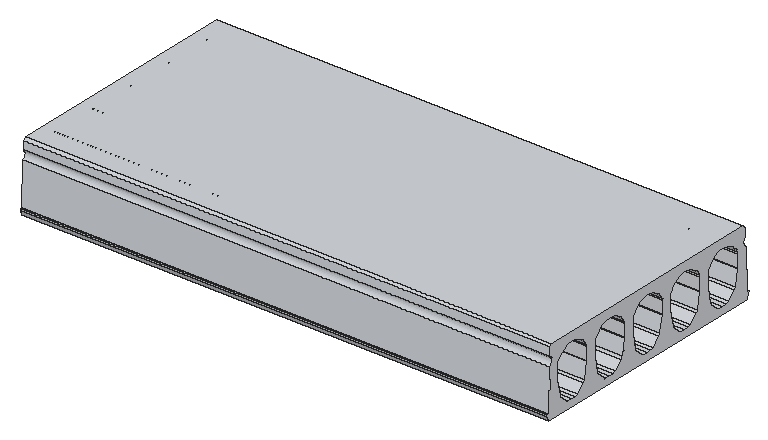
Revit family "EX32 dæk Spæncom", category Structural Framing, Revit 2014
Parameters
  Width element (formmål 1197mm) [instance] = 1197 mm
  Structural Material [instance] = none
  Model = "EX32"
  Manufacturer = "Spæncom"
  Length [instance] = 3000 mm
  Height = 320 mm  # constant formula
Reference planes
  plane 1 "Center (Front/Back)": y = 0
  plane 2 "Center Elevation": z = 0
  plane 3 "Center (Left/Right)": x = 0
  plane 4 "Left": x = -1500
  plane 5 "Member Left": x = -1250
  plane 6 "Stick Symbol Left": x = -1000
  plane 7 "Right": x = 1500
  plane 8 "Member Right": x = 1250
  plane 9 "Stick Symbol Right": x = 1000
Forms (mm)
  Extrusion 1, solid, material <- "Structural Material"
    sketch origin (-1750, 0, 0) x (0, -1, 0) y (0, 0, 1)
      loop
        line (-598.5, 30) -> (-597.5, 20) -> (-587.5, 0) -> (587.5, 0) -> (597.5, 20) -> (598.5, 30) -> (588.5, 30) -> (580.99, 228)
        arc (580.99, 228) -> (568.197, 248.545) -> (579.397, 270) r 24.397
        line (579.397, 270) -> (577.879, 310.007) -> (567.5, 320) -> (-567.5, 320) -> (-577.879, 310.007) -> (-579.397, 270)
        arc (-579.397, 270) -> (-568.197, 248.545) -> (-580.99, 228) r 24.397
        line (-580.99, 228) -> (-588.5, 30) -> (-598.5, 30)
      loop
        arc (448, 280) -> (396.238, 265.035) -> (360.448, 224.757) r 97
        arc (360.448, 224.757) -> (358.993, 220.561) -> (358.5, 216.147) r 20
        line (358.5, 216.147) -> (358.5, 156.239)
        arc (358.5, 156.239) -> (358.51, 155.619) -> (358.538, 155) r 20
        arc (358.538, 155) -> (358.586, 154.384) -> (358.653, 153.77) r 20
        line (358.653, 153.77) -> (372.486, 81.209)
        arc (372.486, 81.209) -> (374.528, 75.463) -> (378.207, 70.599) r 20
        line (378.207, 70.599) -> (412.181, 37.644)
        arc (412.181, 37.644) -> (418.594, 33.465) -> (426.106, 32) r 20
        line (426.106, 32) -> (448, 32) -> (469.894, 32)
        arc (469.894, 32) -> (477.406, 33.465) -> (483.819, 37.644) r 20
        line (483.819, 37.644) -> (517.793, 70.599)
        arc (517.793, 70.599) -> (521.472, 75.463) -> (523.514, 81.209) r 20
        line (523.514, 81.209) -> (537.347, 153.77)
        arc (537.347, 153.77) -> (537.462, 155.002) -> (537.5, 156.239) r 20
        line (537.5, 156.239) -> (537.5, 216.147)
        arc (537.5, 216.147) -> (537.007, 220.561) -> (535.552, 224.757) r 20
        arc (535.552, 224.757) -> (499.762, 265.035) -> (448, 280) r 97
      loop
        arc (224, 280) -> (172.238, 265.035) -> (136.448, 224.757) r 97
        arc (136.448, 224.757) -> (134.993, 220.561) -> (134.5, 216.147) r 20
        line (134.5, 216.147) -> (134.5, 156.239)
        arc (134.5, 156.239) -> (134.51, 155.619) -> (134.538, 155) r 20
        arc (134.538, 155) -> (134.586, 154.384) -> (134.653, 153.77) r 20
        line (134.653, 153.77) -> (148.486, 81.209)
        arc (148.486, 81.209) -> (150.528, 75.463) -> (154.207, 70.599) r 20
        line (154.207, 70.599) -> (188.181, 37.644)
        arc (188.181, 37.644) -> (194.594, 33.465) -> (202.106, 32) r 20
        line (202.106, 32) -> (224, 32) -> (245.894, 32)
        arc (245.894, 32) -> (253.406, 33.465) -> (259.819, 37.644) r 20
        line (259.819, 37.644) -> (293.793, 70.599)
        arc (293.793, 70.599) -> (297.472, 75.463) -> (299.514, 81.209) r 20
        line (299.514, 81.209) -> (313.347, 153.77)
        arc (313.347, 153.77) -> (313.462, 155.002) -> (313.5, 156.239) r 20
        line (313.5, 156.239) -> (313.5, 216.147)
        arc (313.5, 216.147) -> (313.007, 220.561) -> (311.552, 224.757) r 20
        arc (311.552, 224.757) -> (275.762, 265.035) -> (224, 280) r 97
      loop
        arc (0, 280) -> (-51.762, 265.035) -> (-87.552, 224.757) r 97
        arc (-87.552, 224.757) -> (-89.007, 220.561) -> (-89.5, 216.147) r 20
        line (-89.5, 216.147) -> (-89.5, 156.239)
        arc (-89.5, 156.239) -> (-89.49, 155.619) -> (-89.462, 155) r 20
        arc (-89.462, 155) -> (-89.414, 154.384) -> (-89.347, 153.77) r 20
        line (-89.347, 153.77) -> (-75.514, 81.209)
        arc (-75.514, 81.209) -> (-73.472, 75.463) -> (-69.793, 70.599) r 20
        line (-69.793, 70.599) -> (-35.819, 37.644)
        arc (-35.819, 37.644) -> (-29.406, 33.465) -> (-21.894, 32) r 20
        line (-21.894, 32) -> (0, 32) -> (21.894, 32)
        arc (21.894, 32) -> (29.406, 33.465) -> (35.819, 37.644) r 20
        line (35.819, 37.644) -> (69.793, 70.599)
        arc (69.793, 70.599) -> (73.472, 75.463) -> (75.514, 81.209) r 20
        line (75.514, 81.209) -> (89.347, 153.77)
        arc (89.347, 153.77) -> (89.462, 155.002) -> (89.5, 156.239) r 20
        line (89.5, 156.239) -> (89.5, 216.147)
        arc (89.5, 216.147) -> (89.007, 220.561) -> (87.552, 224.757) r 20
        arc (87.552, 224.757) -> (51.762, 265.035) -> (0, 280) r 97
      loop
        arc (-224, 280) -> (-275.762, 265.035) -> (-311.552, 224.757) r 97
        arc (-311.552, 224.757) -> (-313.007, 220.561) -> (-313.5, 216.147) r 20
        line (-313.5, 216.147) -> (-313.5, 156.239)
        arc (-313.5, 156.239) -> (-313.49, 155.619) -> (-313.462, 155) r 20
        arc (-313.462, 155) -> (-313.414, 154.384) -> (-313.347, 153.77) r 20
        line (-313.347, 153.77) -> (-299.514, 81.209)
        arc (-299.514, 81.209) -> (-297.472, 75.463) -> (-293.793, 70.599) r 20
        line (-293.793, 70.599) -> (-259.819, 37.644)
        arc (-259.819, 37.644) -> (-253.406, 33.465) -> (-245.894, 32) r 20
        line (-245.894, 32) -> (-224, 32) -> (-202.106, 32)
        arc (-202.106, 32) -> (-194.594, 33.465) -> (-188.181, 37.644) r 20
        line (-188.181, 37.644) -> (-154.207, 70.599)
        arc (-154.207, 70.599) -> (-150.528, 75.463) -> (-148.486, 81.209) r 20
        line (-148.486, 81.209) -> (-134.653, 153.77)
        arc (-134.653, 153.77) -> (-134.538, 155.002) -> (-134.5, 156.239) r 20
        line (-134.5, 156.239) -> (-134.5, 216.147)
        arc (-134.5, 216.147) -> (-134.993, 220.561) -> (-136.448, 224.757) r 20
        arc (-136.448, 224.757) -> (-172.238, 265.035) -> (-224, 280) r 97
      loop
        arc (-358.653, 153.77) -> (-358.538, 155.002) -> (-358.5, 156.239) r 20
        line (-358.5, 156.239) -> (-358.5, 216.147)
        arc (-358.5, 216.147) -> (-358.993, 220.561) -> (-360.448, 224.757) r 20
        arc (-360.448, 224.757) -> (-396.238, 265.035) -> (-448, 280) r 97
        arc (-448, 280) -> (-499.762, 265.035) -> (-535.552, 224.757) r 97
        arc (-535.552, 224.757) -> (-537.007, 220.561) -> (-537.5, 216.147) r 20
        line (-537.5, 216.147) -> (-537.5, 156.239)
        arc (-537.5, 156.239) -> (-537.49, 155.619) -> (-537.462, 155) r 20
        arc (-537.462, 155) -> (-537.414, 154.384) -> (-537.347, 153.77) r 20
        line (-537.347, 153.77) -> (-523.514, 81.209)
        arc (-523.514, 81.209) -> (-521.472, 75.463) -> (-517.793, 70.599) r 20
        line (-517.793, 70.599) -> (-483.819, 37.644)
        arc (-483.819, 37.644) -> (-477.406, 33.465) -> (-469.894, 32) r 20
        line (-469.894, 32) -> (-448, 32) -> (-426.106, 32)
        arc (-426.106, 32) -> (-418.594, 33.465) -> (-412.181, 37.644) r 20
        line (-412.181, 37.644) -> (-378.207, 70.599)
        arc (-378.207, 70.599) -> (-374.528, 75.463) -> (-372.486, 81.209) r 20
        line (-372.486, 81.209) -> (-358.653, 153.77)
    from -500 to -3000
  Extrusion 2, void
    sketch origin (1500, 1197, 0) x (0, -1, 0) y (0, 0, 1)
      loop
        line (598.5, 0) -> (598.5, 320) -> (-598.5, 320) -> (-598.5, 0) -> (598.5, 0)
    from 250 to 2750
Cuts and joins
  Extrusion 2 cuts Extrusion 1
Lines and regions (mm)
  model lines, style "Stick Symbols", detail levels coarse
    curve 1: line (-1000, 0, 0) -> (1000, 0, 0)
Dimensions and locks
  equal spacing: plane 4 "Left", plane 3 "Center (Left/Right)", plane 7 "Right"
  "Length": plane 4 "Left" to plane 7 "Right"
  "Height": Extrusion 1 to Extrusion 1
  "Width element (formmål 1197mm)": cut or joined group of Extrusion 1, Extrusion 2 to Extrusion 2 sketch curve
  aligned and locked: plane 1 "Center (Front/Back)" to curve 1
  aligned and locked: plane 6 "Stick Symbol Left" to curve 1
  aligned and locked: plane 9 "Stick Symbol Right" to curve 1
  aligned and locked: level to plane 2 "Center Elevation"
  aligned and locked: Extrusion 1 to plane 8 "Member Right"
  aligned and locked: plane 5 "Member Left" to Extrusion 1
  aligned and locked: Extrusion 2 to plane 5 "Member Left"
  aligned and locked: Extrusion 2 to plane 8 "Member Right"
Automatic sketch dimensions
  Extrusion 1 sketch curve to Extrusion 1 sketch curve = 0 mm  (x33)
  Extrusion 1 sketch curve to level = 0 mm
  Extrusion 1 sketch curve to plane 1 "Center (Front/Back)" = 21.894 mm
  Extrusion 1 sketch curve to plane 1 "Center (Front/Back)" = 35.819 mm
  Extrusion 1 sketch curve to plane 1 "Center (Front/Back)" = 55.868 mm
  Extrusion 1 sketch curve to plane 1 "Center (Front/Back)" = 69.5 mm  (x2)
  Extrusion 1 sketch curve to Extrusion 1 sketch curve = 13.925 mm  (x17)
  Extrusion 1 sketch curve to Extrusion 1 sketch curve = 5.721 mm  (x10)
  Extrusion 1 sketch curve to Extrusion 1 sketch curve = 19.847 mm  (x8)
  Extrusion 1 sketch curve to Extrusion 1 sketch curve = 20 mm  (x12)
  Extrusion 1 sketch curve to Extrusion 1 sketch curve = 45 mm  (x4)
  Extrusion 1 sketch curve to Extrusion 1 sketch curve = 0.153 mm  (x4)
  level to Extrusion 1 sketch curve = 81.209 mm  (x9)
  Extrusion 1 sketch curve to Extrusion 1 sketch curve = 72.972 mm  (x4)
  level to Extrusion 1 sketch curve = 70.599 mm  (x8)
  Extrusion 1 sketch curve to Extrusion 1 sketch curve = 19.646 mm  (x2)
  level to Extrusion 1 sketch curve = 37.644 mm  (x9)
  Extrusion 1 sketch curve to Extrusion 1 sketch curve = 33.974 mm  (x9)
  Extrusion 1 sketch curve to Extrusion 1 sketch curve = 21.894 mm  (x9)
  Extrusion 1 sketch curve to Extrusion 1 sketch curve = 69.5 mm  (x6)
  level to Extrusion 1 sketch curve = 153.77 mm  (x7)
  Extrusion 1 sketch curve to Extrusion 1 sketch curve = 13.632 mm  (x3)
  Extrusion 1 sketch curve to Extrusion 1 sketch curve = 30 mm  (x2)
  Extrusion 1 sketch curve to Extrusion 1 sketch curve = 10.379 mm  (x2)
  level to Extrusion 1 sketch curve = 270 mm  (x2)
  Extrusion 1 sketch curve to Extrusion 1 sketch curve = 1.518 mm  (x2)
  Extrusion 1 sketch curve to Extrusion 1 sketch curve = 1.593 mm  (x2)
  Extrusion 1 sketch curve to Extrusion 1 sketch curve = 69.707 mm  (x2)
  level to Extrusion 1 sketch curve = 30 mm  (x2)
  Extrusion 1 sketch curve to Extrusion 1 sketch curve = 1 mm  (x2)
  Extrusion 1 sketch curve to Extrusion 1 sketch curve = 13.18 mm
  level to Extrusion 1 sketch curve = 20 mm  (x2)
  Extrusion 1 sketch curve to Extrusion 1 sketch curve = 9 mm  (x2)
  Extrusion 1 sketch curve to Extrusion 1 sketch curve = 10 mm  (x2)
  plane 1 "Center (Front/Back)" to Extrusion 1 sketch curve = 0 mm  (x2)
  level to Extrusion 1 sketch curve = 228 mm
  Extrusion 1 sketch curve to Extrusion 1 sketch curve = 11.587 mm
  Extrusion 1 sketch curve to Extrusion 1 sketch curve = 5.644 mm  (x4)
  level to Extrusion 1 sketch curve = 32 mm  (x2)
  Extrusion 1 sketch curve to Extrusion 1 sketch curve = 32.955 mm
  Extrusion 1 sketch curve to Extrusion 1 sketch curve = 10.611 mm  (x2)
  Extrusion 1 sketch curve to Extrusion 1 sketch curve = 72.561 mm
  Extrusion 1 sketch curve to Extrusion 1 sketch curve = 2.469 mm  (x2)
  Extrusion 1 sketch curve to Extrusion 1 sketch curve = 26.761 mm  (x5)
  Extrusion 1 sketch curve to Extrusion 1 sketch curve = 59.908 mm  (x6)
  Extrusion 1 sketch curve to Extrusion 1 sketch curve = 11.853 mm
  Extrusion 1 sketch curve to Extrusion 1 sketch curve = 42 mm
  Extrusion 1 sketch curve to Extrusion 1 sketch curve = 40.007 mm  (x2)
  Extrusion 1 sketch curve to Extrusion 1 sketch curve = 9.993 mm
  Extrusion 1 sketch curve to Extrusion 1 sketch curve = 0.115 mm  (x5)
  Extrusion 2 sketch curve to level = 0 mm
  Extrusion 2 sketch curve to Extrusion 2 sketch curve = 1197 mm
  level to Extrusion 2 sketch curve = 320 mm
